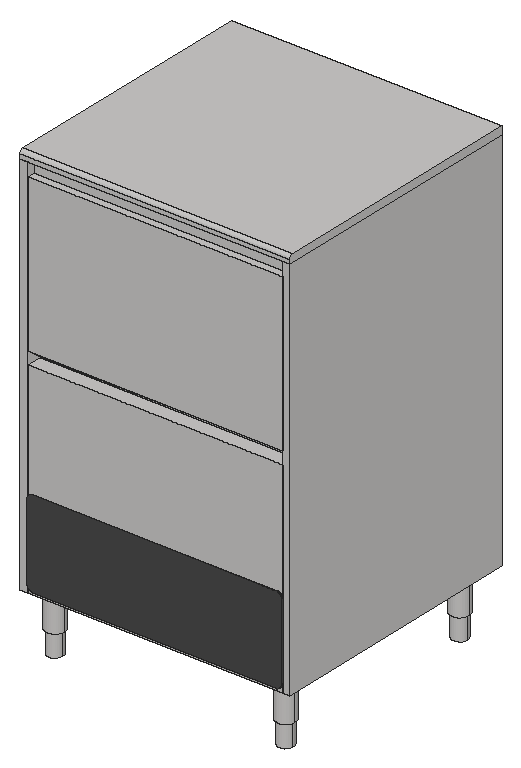
Revit family "QF_ELECTROLUXPROFESSIONAL_730324_ICB112I60SDP", category Attrezzature speciali, Revit 2018
Family settings
  Quota connettore circolare = Usa diametro
  Tipo di parte = Normale
  Basato su piano di lavoro = No
  Sempre verticale = Sì
  Taglio con vuoti quando caricato = No
  Condiviso = No
  Punto di calcolo locali = No
Parameters (values of type "Standard")
  Weight = 81.00 kg
  Watts = 0 W
  Volts = 220 V
  URL Manufacturer = "https://www.electroluxprofessional.com/"
  URL = "https://www.electroluxprofessional.com/"
  Steam Supply Size = 0 mm
  Steam Supply Minimum Pressure = 0.0 Pa
  Steam Supply Maximum Pressure = 0.0 Pa
  Steam Pounds per Hour = 0
  Show Logo [instance] = yes
  Show Clearance [instance] = yes
  Refrigeration Suction Line Size = 0 mm
  Refrigeration Liquid Line Size = 0 mm
  Refrigerant Compressor Remote = yes
  Produttore = "Electrolux Professional"
  Phase = 1
  Modello = "ICB112I60SDP"
  Length Actual = 715 mm  # constant formula
  Item Number = "730324"
  Hot Water Size = 0 mm
  Height Actual = 1149 mm  # constant formula
  HP = "0 HP"
  Gas Size = 0 mm
  Gas KW = 0
  Gas Input Pressure = 0 W
  Descrizione = "AIR COOLED ICE CUBER 22GR 112KG/24H-BIN 60KG DRAIN PUMP"
  Depth Actual = 700 mm  # constant formula
  Cycle = 50 Hz
  Condensate Return Size = 0 mm
  Compressed Air Volume = 0.0 L/s
  Compressed Air Size = 0 mm
  Compressed Air Pressure = 0.0 Pa
  Cold Water Size = 19.05 mm
  Accessory = yes
Reference planes
  plane 1 "Center X": y = 272.851
  plane 2: z = 0
  plane 3 "Center Y": x = -501.5
  plane 4 "LEFT": x = -859
  plane 5 "RIGHT": x = -144
  plane 6 "FRONT": y = -77.649
  plane 7 "BACK": y = 623.351
  plane 8: z = 154
  plane 9: z = 1198
  plane 10: z = 1178
  plane 11: x = -839
  plane 12: x = -164
  plane 13: y = -37.649
Forms (mm)
  Extrusion 1, solid, material "QF_Finishes_Black"
    sketch origin (-217.296, -77.649, 371.513) x (-1, 0, 0) y (0, 0, -1)
      loop
        arc (606.704, -20.487) -> (617.311, -16.093) -> (621.704, -5.487) r 15
        line (621.704, -5.487) -> (621.704, 195.469)
        arc (621.704, 195.469) -> (617.311, 206.075) -> (606.704, 210.469) r 15
        line (606.704, 210.469) -> (-38.296, 210.469)
        arc (-38.296, 210.469) -> (-48.903, 206.075) -> (-53.296, 195.469) r 15
        line (-53.296, 195.469) -> (-53.296, -5.487)
        arc (-53.296, -5.487) -> (-48.903, -16.093) -> (-38.296, -20.487) r 15
        line (-38.296, -20.487) -> (606.704, -20.487)
    from 0 to 2
  Extrusion 2, solid, material "QF_Finishes_Stainless Steel"
    sketch origin (-501.5, 0, 0) x (0, 1, 0) y (0, 0, 1)
      loop
        line (623.351, 1178) -> (623.351, 1198) -> (-67.649, 1198)
        arc (-67.649, 1198) -> (-74.72, 1195.071) -> (-77.649, 1188) r 10
        line (-77.649, 1188) -> (-77.649, 1178) -> (623.351, 1178)
    from -357.5 to 357.5
  Extrusion 3, solid, material "QF_Finishes_Stainless Steel"
    sketch origin (-446.7, 623.351, -284.545) x (1, 0, 0) y (0, 0, -1)
      loop
        circle (233.2, -654.545) r 10
    from 0 to 10
  Extrusion 4, solid, material "QF_Finishes_Stainless Steel"
    sketch origin (0, 0, 0) x (1, 0, 0) y (0, 1, 0)
      loop
        line (-859, 623.351) -> (-859, -77.649) -> (-839, -77.649) -> (-839, 623.351) -> (-859, 623.351)
    from 154 to 1178
  Extrusion 5, solid, material "QF_Finishes_Stainless Steel"
    sketch origin (0, 0, 0) x (1, 0, 0) y (0, 1, 0)
      loop
        line (-164, 623.351) -> (-164, -77.649) -> (-144, -77.649) -> (-144, 623.351) -> (-164, 623.351)
    from 154 to 1178
  Extrusion 6, solid, material "QF_Finishes_Stainless Steel"
    sketch origin (0, 0, 0) x (1, 0, 0) y (0, 1, 0)
      loop
        line (-839, 623.351) -> (-839, -37.649) -> (-164, -37.649) -> (-164, 623.351) -> (-839, 623.351)
    from 154 to 1178
  Extrusion 7, solid, material "QF_Finishes_Stainless Steel"
    sketch origin (0, 0, 0) x (1, 0, 0) y (0, 1, 0)
      loop
        line (-839, -77.649) -> (-164, -77.649) -> (-164, -37.649) -> (-839, -37.649) -> (-839, -77.649)
    from 154 to 695.994
  Extrusion 8, solid, material "QF_Finishes_Stainless Steel"
    sketch origin (-501.5, 0, 0) x (0, 1, 0) y (0, 0, 1)
      loop
        line (-37.649, 1178) -> (-57.649, 1178) -> (-57.649, 1142) -> (-77.649, 1142) -> (-77.649, 728.768) -> (-57.649, 728.768) -> (-57.649, 713.768) -> (-37.649, 713.768) -> (-37.649, 1178)
    from -337.5 to 337.5
  Extrusion 9, solid, material "QF_Finishes_Stainless Steel"
    sketch origin (-428.2, 623.351, -395.545) x (1, 0, 0) y (0, 0, -1)
      loop
        circle (233.2, -654.545) r 10
    from 0 to 10
  Extrusion 10, solid, material "QF_Finishes_Stainless Steel"
    sketch origin (-487.7, 623.351, -316.545) x (1, 0, 0) y (0, 0, -1)
      loop
        circle (233.2, -654.545) r 10
    from 0 to 10
Lines and regions (mm)
  Split face 1
    outline origin (-501.5, -57.649, 1178) x (0, 0, -1) y (1, 0, 0)
      loop
        line (5.715, 214.928) -> (30.715, 214.928) -> (30.715, 254.928) -> (5.715, 254.928) -> (5.715, 214.928)
  symbolic lines
    curve 1: line (-859, 623.351, 0) -> (-144, 623.351, 0)
    curve 2: line (-859, -77.649, 0) -> (-859, 623.351, 0)
    curve 3: line (-144, -77.649, 0) -> (-859, -77.649, 0)
    curve 4: line (-144, 623.351, 0) -> (-144, -77.649, 0)
Dimensions and locks
  equal spacing: plane 4 "LEFT", plane 3 "Center Y", plane 5 "RIGHT"
  plane 4 "LEFT" to plane 5 "RIGHT" = 715 mm
  equal spacing: plane 7 "BACK", plane 1 "Center X", plane 6 "FRONT"
  plane 7 "BACK" to plane 6 "FRONT" = 701 mm
  plane 8 to plane 2 = 154 mm
  plane 9 to plane 8 = 1044 mm
  locked: plane 4 "LEFT" to plane 11 at 20
  locked: plane 12 to plane 5 "RIGHT" at 20
  locked: plane 9 to plane 10 at 20
  locked: plane 13 to plane 6 "FRONT" at 40
  aligned and locked: level to plane 2
  aligned and locked: plane 5 "RIGHT" to Extrusion 2
  aligned and locked: Extrusion 2 to plane 4 "LEFT"
  aligned and locked: Extrusion 4 sketch curve to Extrusion 2  (x2)
  aligned and locked: plane 6 "FRONT" to Extrusion 4 sketch curve
  aligned and locked: Extrusion 4 sketch curve to plane 11
  aligned and locked: Extrusion 5 sketch curve to plane 7 "BACK"
  aligned and locked: plane 12 to Extrusion 5 sketch curve
  aligned and locked: Extrusion 5 sketch curve to Extrusion 2  (x2)
  aligned and locked: plane 10 to Extrusion 4
  aligned and locked: plane 10 to Extrusion 5
  aligned and locked: Extrusion 4 to plane 8
  aligned and locked: Extrusion 5 to plane 8
  aligned and locked: Extrusion 6 sketch curve to Extrusion 4
  aligned and locked: Extrusion 4 to Extrusion 6 sketch curve
  aligned and locked: plane 13 to Extrusion 6 sketch curve
  aligned and locked: Extrusion 6 sketch curve to plane 12
  aligned and locked: plane 10 to Extrusion 6
  aligned and locked: Extrusion 6 to plane 8
  aligned and locked: Extrusion 4 to Extrusion 7 sketch curve
  aligned and locked: Extrusion 7 sketch curve to Extrusion 4
  aligned and locked: plane 13 to Extrusion 7 sketch curve
  aligned and locked: plane 12 to Extrusion 7 sketch curve
  aligned and locked: Extrusion 7 to plane 8
  aligned and locked: plane 12 to Extrusion 8
  aligned and locked: Extrusion 8 to plane 11
Automatic sketch dimensions
  curve 3 to plane 4 "LEFT" = 0 mm
  curve 3 to plane 5 "RIGHT" = 0 mm
  curve 3 to plane 6 "FRONT" = 0 mm
  curve 2 to plane 7 "BACK" = 0 mm
  Extrusion 1 sketch curve to plane 12 = 0 mm
  plane 8 to Extrusion 1 sketch curve = 7.044 mm
  Extrusion 1 sketch curve to Extrusion 1 sketch curve = 15 mm  (x3)
  plane 11 to Extrusion 1 sketch curve = 15 mm  (x2)
  Extrusion 1 sketch curve to Extrusion 1 sketch curve = 200.956 mm
  Extrusion 2 sketch curve to plane 6 "FRONT" = 0 mm
  Extrusion 2 sketch curve to plane 9 = 0 mm
  Extrusion 2 sketch curve to plane 7 "BACK" = 0 mm
  Extrusion 2 sketch curve to plane 10 = 0 mm
  plane 6 "FRONT" to Extrusion 2 sketch curve = 10 mm
  Extrusion 6 to Extrusion 3 sketch curve = 216 mm
  Extrusion 3 sketch curve to Extrusion 6 = 49.5 mm
  Extrusion 8 sketch curve to plane 6 "FRONT" = 0 mm
  Extrusion 8 sketch curve to plane 10 = 0 mm
  Extrusion 8 sketch curve to plane 13 = 0 mm
  plane 6 "FRONT" to Extrusion 8 sketch curve = 20 mm  (x2)
  Extrusion 8 sketch curve to plane 10 = 36 mm
  Extrusion 8 sketch curve to Extrusion 8 sketch curve = 413.232 mm
  Extrusion 8 sketch curve to Extrusion 8 sketch curve = 15 mm
  Split face 1 sketch curve to Extrusion 8 = 5.715 mm
  Extrusion 8 to Split face 1 sketch curve = 5.285 mm
  Split face 1 sketch curve to Extrusion 8 = 122.572 mm
  Split face 1 sketch curve to Split face 1 sketch curve = 40 mm
  Extrusion 9 sketch curve to Extrusion 6 = 31 mm
  Extrusion 6 to Extrusion 9 sketch curve = 105 mm
  Extrusion 10 sketch curve to Extrusion 6 = 90.5 mm
  Extrusion 6 to Extrusion 10 sketch curve = 184 mm
  radius of Extrusion 3 sketch curve = 10 mm
  radius of Extrusion 9 sketch curve = 10 mm
  radius of Extrusion 10 sketch curve = 10 mm
Nested families
  nested 1: "Foot_Complete" at (-807, -26.649, 0), type "Foot_Complete"
  nested 2: "Foot_Complete" at (-196, -26.649, 0) x (-1, 0, 0) z (0, 0, 1), type "Foot_Complete"
  nested 3: "Foot_Complete" at (-807, 550.351, 0), type "Foot_Complete"
  nested 4: "Foot_Complete" at (-196, 550.351, 0) x (-1, 0, 0) z (0, 0, 1), type "Foot_Complete"
Connectors
  electrical at (-195, 633.351, 259), driven by "Volts"
    settings: on Extrusion 9, index 1, voltage 220 V, apparent load 0 VA, apparent load phase1 0 VA, apparent load phase2 0 VA, apparent load phase3 0 VA, power factor 1, load classification "Altro", number of poles 1, system type 30, power factor state 1, is connector primary yes, connector utility no, sub classification motor no, connector description "Electrical Connection"
  piping at (-213.5, 633.351, 370), diameter 20
    settings: on Extrusion 3, index 2, connector inside diameter 609.6 mm, connector length 0 mm, flow factor 0, pipe flow 0.0 L/s, pressure drop 0.0 Pa, fitting loss kfactor 0, connector angle 0.00°, fixture units 0, engagement length 0 mm, angle of deflection 0.00°, flow configuration 0, flow direction 0, fitting loss method 0, system type 20, joint type 0, gender type 0, connector reference index -1, connector utility 0, adjustable connector no, is connector primary yes, connector description "Cold water"
  piping at (-254.5, 633.351, 338), diameter 20
    settings: on Extrusion 10, index 3, connector inside diameter 609.6 mm, connector length 0 mm, flow factor 0, pipe flow 0.0 L/s, pressure drop 0.0 Pa, fitting loss kfactor 0, connector angle 0.00°, fixture units 0, engagement length 0 mm, angle of deflection 0.00°, flow configuration 0, flow direction 0, fitting loss method 0, system type 16, joint type 0, gender type 0, connector reference index -1, connector utility 0, adjustable connector no, is connector primary no, connector description "Drain"
Definition of nested family "Foot_Complete"
  Parameters (values of type "Foot_Complete")
    R = 25 mm
    H = 153 mm
  Reference planes
    plane 1 "Centro (Fronte/Retro)": y = 0
    plane 2: z = 0
    plane 3 "Centro (Sinistra/Destra)": x = 0
    plane 4: z = 153
  Forms (mm)
    Revolve 1, solid
      sketch origin (255.05, 0, 608.09) x (0, 0, 1) y (-1, 0, 0)
        loop
          line (-608.09, 255.05) -> (-608.09, 235.05) -> (-548.09, 235.05) -> (-548.09, 230.05) -> (-455.09, 230.05) -> (-455.09, 255.05) -> (-608.09, 255.05)
        axis (-608.09, 255.05) -> (-455.09, 255.05)
      angle from 0 to 360
  Dimensions and locks
    level to Revolve 1 sketch curve = 60 mm
    "R": Revolve 1 sketch curve to plane 3 "Centro (Sinistra/Destra)"
    "H": plane 4 to level
    aligned and locked: level to plane 2
    aligned and locked: plane 4 to Revolve 1 sketch curve
    aligned and locked: Revolve 1 sketch curve to level
    aligned and locked: plane 3 "Centro (Sinistra/Destra)" to Revolve 1 sketch curve
  Automatic sketch dimensions
    Revolve 1 sketch curve to plane 3 "Centro (Sinistra/Destra)" = 0 mm
    plane 3 "Centro (Sinistra/Destra)" to Revolve 1 sketch curve = 20 mm
    Revolve 1 sketch curve to Revolve 1 sketch curve = 50 mm
    Revolve 1 sketch curve to Revolve 1 sketch curve = 20 mm
